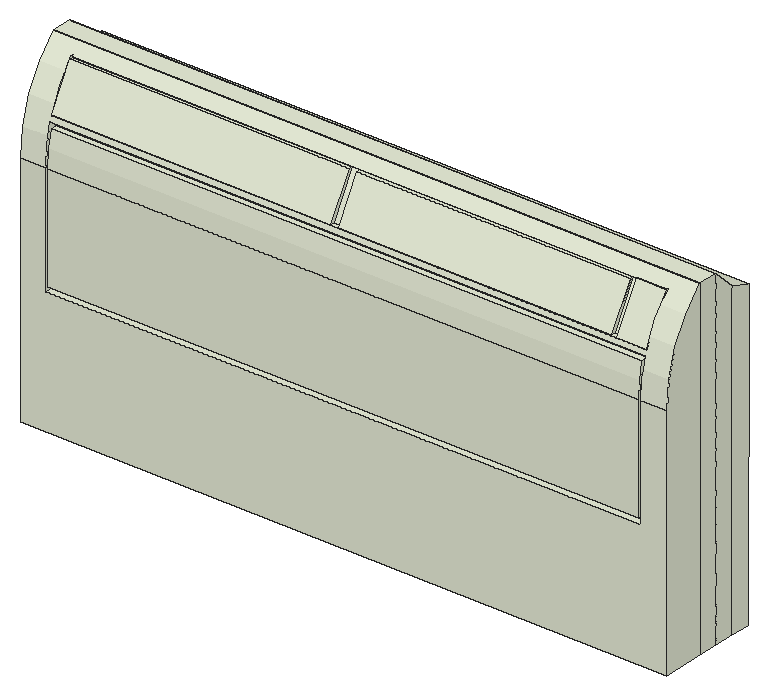
Revit family "Trane_TVR_Indoor_Ceiling & Floor_4TVX0027(30)EF000AA(2nd DC)", category Equipamento mecânico, Revit 2019
Family settings
  Cota do conector redondo = Utilizar diâmetro
  Tipo de parte = Normal
  Número OmniClass = 23.75.00.00
  Título OmniClass = Climate Control (HVAC)
  Com base no plano de trabalho = Não
  Sempre na vertical = Sim
  Corte com vazios quando carregada = Não
  Compartilhado = Não
  Ponto de cálculo do ambiente = Não
Parameters (values of type "4TVX0027EF000AA")
  Width = 1280.000 mm
  URL = "https://www.trane.com/commercial/latin-america/br/pt.html"
  Series = "TVR ULTRA"
  Power supply = "220-240V ~50/60Hz"
  Panel color = "S1004"
  Net Weight = 35.00 kg
  Modelo = "4TVX0027EF000AA"
  Fabricante = "Trane"
  Machine material = Galvanized Steel
  MFA (Maximum Fuse Amps) = 15 A
  MCA (Minimum Circuit Amps) = 1.1 A
  Liquid pipe = 9.530 mm
  Installation = "Indoor installation"
  Height = 203.000 mm
  Heating Power Input = 130 W
  Heating Capacity = 9 kW
  Gas pipe = 15.900 mm
  Gas = "R410a"
  Descrição = "High efficiency air cooled"
  Depth = 660.000 mm
  Cooling Power Input = 130 W
  Cooling Capacity = 8 kW
  Condensation = "air"
  Air  Flow = "1200/1100/1000/900/840/780/700 m3/h"
Types (3, lengths in mm): name | Modelo | Heating Capacity | Cooling Capacity
  (no name) | "4TVX0027EF000AA" | 9 kW | 8 kW
  4TVX0027EF000AA | "4TVX0027EF000AA" | 9 kW | 8 kW
  4TVX0030EF000AA | "4TVX0030EF000AA" | 10 kW | 9 kW
Reference planes
  plane 1 "中心(前/后)": y = 0
  plane 2: z = 0
  plane 3 "中心(左/右)": x = 0
  plane 4: z = 575.645
  plane 5: z = 280
  plane 6: x = -495
Forms (mm)
  Extrusion 1, solid, material "Galvanized Steel" <- "Machine material", detail levels medium+fine
    sketch origin (0, 0, 0) x (0, 1, 0) y (0, 0, 1)
      loop
        line (-80, 690) -> (-120, 690) -> (-120, 30) -> (-80, 30) -> (-80, 690)
    from 785 to -495
  Extrusion 2, solid, material "Galvanized Steel" <- "Machine material", detail levels medium+fine
    sketch origin (0, 0, 0) x (0, 1, 0) y (0, 0, 1)
      loop
        line (-80, 690) -> (-80, 30) -> (-40, 30) -> (-40, 650) -> (-80, 690)
    from 785 to -495
  Extrusion 3, solid, material "Galvanized Steel" <- "Machine material", detail levels medium+fine
    sketch origin (0, 0, 0) x (0, 1, 0) y (0, 0, 1)
      loop
        line (0, 626.906) -> (0, 635.441) -> (-40, 650) -> (-40, 30) -> (0, 30) -> (0, 626.906)
    from 785 to -495
  Extrusion 4, solid, material "Galvanized Steel" <- "Machine material", detail levels medium+fine
    sketch origin (0, 0, 0) x (0, 1, 0) y (0, 0, 1)
      loop
        line (-120, 30) -> (-120, 690)
        arc (-120, 690) -> (-181.345, 603.669) -> (-203, 500) r 258.97
        line (-203, 500) -> (-203, 30) -> (-120, 30)
    from 785 to -495
  Extrusion 5, void
    sketch origin (0, 0, 0) x (0, 1, 0) y (0, 0, 1)
      loop
        line (-188.653, 585) -> (-178.041, 585)
        arc (-178.041, 585) -> (-156.282, 630.135) -> (-125.926, 670) r 248.97
        line (-125.926, 670) -> (-139.39, 670)
        arc (-139.39, 670) -> (-168.089, 629.857) -> (-188.653, 585) r 258.97
    from 735 to -445
  Extrusion 6, solid, material "Galvanized Steel" <- "Machine material", detail levels fine
    sketch origin (0, 0, 0) x (0, 1, 0) y (0, 0, 1)
      loop
        line (-148.104, 670) -> (-193.89, 591) -> (-188.048, 591) -> (-142.262, 670) -> (-148.104, 670)
    from 670 to 128.441
  Extrusion 7, solid, material "Galvanized Steel" <- "Machine material", detail levels fine
    sketch origin (0, 0, 0) x (0, 1, 0) y (0, 0, 1)
      loop
        line (-139.39, 670) -> (-188.653, 585) -> (-183.347, 585) -> (-134.084, 670) -> (-139.39, 670)
    from 735 to 675
  Extrusion 8, void
    sketch origin (0, 0, 0) x (1, 0, 0) y (0, 1, 0)
      loop
        line (-460.5, -30) -> (-460.5, -130) -> (-360.5, -130) -> (-360.5, -30) -> (-460.5, -30)
    from 45 to 30
  Extrusion 9, void
    sketch origin (0, 0, 0) x (0, 1, 0) y (0, 0, 1)
      loop
        line (-15, 45) -> (-15, 415.429) -> (-188, 415.429) -> (-188, 45) -> (-15, 45)
    from 770 to -480
  Extrusion 10, solid, detail levels medium+fine
    sketch origin (0, 0, 0) x (1, 0, 0) y (0, 1, 0)
      loop
        circle (-455, -63.5) r 4.765
    from 415.429 to 128
  Extrusion 11, solid, detail levels medium+fine
    sketch origin (0, 0, 0) x (1, 0, 0) y (0, 1, 0)
      loop
        circle (-440.5, -96.5) r 7.95
    from 415.429 to 163.5
  Extrusion 12, void
    sketch origin (0, 0, 55) x (1, 0, 0) y (0, 0, 1)
      loop
        line (-360.5, 115) -> (-460.5, 115) -> (-460.5, 15) -> (-360.5, 15) -> (-360.5, 115)
    from 15 to 0
  Extrusion 13, solid, detail levels medium+fine
    sketch origin (0, 0, 0) x (1, 0, 0) y (0, 1, 0)
      loop
        circle (-393.436, -63.5) r 12.5
    from 415.429 to 163.5
  Extrusion 14, void
    sketch origin (0, 0, 0) x (0, 1, 0) y (0, 0, 1)
      loop
        arc (-191.706, 575.645) -> (-200.161, 538.242) -> (-203, 500) r 258.97
        line (-203, 500) -> (-203, 280) -> (-188, 280) -> (-188, 415.429) -> (-179.603, 575.645) -> (-191.706, 575.645)
    from 735 to -445
  Extrusion 15, solid, material "Galvanized Steel" <- "Machine material", detail levels medium+fine
    sketch origin (0, 0, 0) x (0, 1, 0) y (0, 0, 1)
      loop
        line (-188, 415.429) -> (-180.127, 565.659) -> (-194.538, 565.659)
        arc (-194.538, 565.659) -> (-200.876, 533.101) -> (-203, 500) r 258.97
        line (-203, 500) -> (-203, 290) -> (-188, 290) -> (-188, 415.429)
    from 730 to -440
  Extrusion 16, solid, material "Galvanized Steel" <- "Machine material", detail levels fine
    sketch origin (230, 0, 0) x (0, 1, 0) y (0, 0, -1)
      loop
        line (-148.104, -670) -> (-142.262, -670) -> (-188.048, -591) -> (-193.89, -591) -> (-148.104, -670)
    from 670 to 116.417
Cuts and joins
  Extrusion 5, Extrusion 8, Extrusion 9, Extrusion 12, Extrusion 14 cuts Extrusion 4
  Extrusion 8, Extrusion 9 cuts Extrusion 1
  Extrusion 8, Extrusion 9 cuts Extrusion 2
  Extrusion 8, Extrusion 9, Extrusion 12 cuts Extrusion 3
  Extrusion 12 cuts Extrusion 10
Lines and regions (mm)
  model lines, detail levels fine
    curve 1: circle (720, -144.575, 661.053) r 4 normal (0, -0.8652, 0.5014)
    curve 2: circle (720, -150.363, 651.067) r 4 normal (0, -0.8652, 0.5014)
    curve 3: circle (720, -156.491, 640.493) r 4 normal (0, -0.8652, 0.5014)
    curve 4: circle (720, -162.96, 629.332) r 4 normal (0, -0.8652, 0.5014)
    curve 5: circle (720, -168.604, 619.594) r 4 normal (0, -0.8652, 0.5014)
    curve 6: line (691.594, -175.609, 607.507) -> (691.594, -181.912, 596.63)
    curve 7: line (716.594, -175.609, 607.507) -> (691.594, -175.609, 607.507)
    curve 8: line (691.594, -181.912, 596.63) -> (716.594, -181.912, 596.63)
    curve 9: arc (716.594, -175.609, 607.507) -> (722.879, -178.761, 602.069) -> (716.594, -181.912, 596.63) r 6.286
    curve 10: line (-495, -163, 70) -> (-495, -163, 270)
    curve 32: line (-495, -163, 270) -> (-495, -203, 270)
    curve 33: line (-495, -163, 260) -> (-495, -203, 260)
    curve 34: line (-495, -163, 250) -> (-495, -203, 250)
    curve 35: line (-495, -163, 240) -> (-495, -203, 240)
    curve 36: line (-495, -163, 230.215) -> (-495, -203, 230.215)
    curve 37: line (-495, -163, 220) -> (-495, -203, 220)
    curve 38: line (-495, -163, 210) -> (-495, -203, 210)
    curve 39: line (-495, -163, 200) -> (-495, -203, 200)
    curve 40: line (-495, -163, 190) -> (-495, -203, 190)
    curve 41: line (-495, -163, 180) -> (-495, -203, 180)
    curve 42: line (-495, -163, 170) -> (-495, -203, 170)
    curve 43: line (-495, -163, 160) -> (-495, -203, 160)
    curve 44: line (-495, -163, 150) -> (-495, -203, 150)
    curve 45: line (-495, -163, 140) -> (-495, -203, 140)
    curve 46: line (-495, -163, 130) -> (-495, -203, 130)
    curve 47: line (-495, -163, 120) -> (-495, -203, 120)
    curve 48: line (-495, -163, 110) -> (-495, -203, 110)
    curve 49: line (-495, -163, 100) -> (-495, -203, 100)
    curve 50: line (-495, -163, 90) -> (-495, -203, 90)
    curve 51: line (-495, -163, 80) -> (-495, -203, 80)
    curve 52: line (-495, -163, 70) -> (-495, -203, 70)
    curve 53: line (-495, -163, 220) -> (-495, -203, 220)
    curve 54: line (-495, -163, 210) -> (-495, -203, 210)
    curve 55: line (-495, -163, 200) -> (-495, -203, 200)
    curve 56: line (785, -163, 70) -> (785, -163, 270)
    curve 57: line (785, -163, 270) -> (785, -203, 270)
    curve 58: line (785, -163, 260) -> (785, -203, 260)
    curve 59: line (785, -163, 250) -> (785, -203, 250)
    curve 60: line (785, -163, 240) -> (785, -203, 240)
    curve 61: line (785, -163, 230.215) -> (785, -203, 230.215)
    curve 62: line (785, -163, 190) -> (785, -203, 190)
    curve 63: line (785, -163, 180) -> (785, -203, 180)
    curve 64: line (785, -163, 170) -> (785, -203, 170)
    curve 65: line (785, -163, 160) -> (785, -203, 160)
    curve 66: line (785, -163, 150) -> (785, -203, 150)
    curve 67: line (785, -163, 140) -> (785, -203, 140)
    curve 68: line (785, -163, 130) -> (785, -203, 130)
    curve 69: line (785, -163, 120) -> (785, -203, 120)
    curve 70: line (785, -163, 110) -> (785, -203, 110)
    curve 71: line (785, -163, 100) -> (785, -203, 100)
    curve 72: line (785, -163, 90) -> (785, -203, 90)
    curve 73: line (785, -163, 80) -> (785, -203, 80)
    curve 74: line (785, -163, 70) -> (785, -203, 70)
    curve 75: line (785, -163, 220) -> (785, -203, 220)
    curve 76: line (785, -163, 210) -> (785, -203, 210)
    curve 77: line (785, -163, 200) -> (785, -203, 200)
    curve 78: line (-495, -203, 270) -> (785, -203, 270)
    curve 79: line (785, -203, 70) -> (-495, -203, 70)
    curve 80: line (-495, -203, 260) -> (785, -203, 260)
    curve 81: line (-495, -203, 250) -> (785, -203, 250)
    curve 82: line (-495, -203, 240) -> (785, -203, 240)
    curve 83: line (-495, -203, 230) -> (785, -203, 230)
    curve 84: line (-495, -203, 220) -> (785, -203, 220)
    curve 85: line (-495, -203, 210) -> (785, -203, 210)
    curve 86: line (-495, -203, 201.34) -> (785, -203, 201.34)
    curve 87: line (-495, -203, 191.34) -> (785, -203, 191.34)
    curve 88: line (-495, -203, 181.34) -> (785, -203, 181.34)
    curve 89: line (-495, -203, 171.34) -> (785, -203, 171.34)
    curve 90: line (-495, -203, 161.34) -> (785, -203, 161.34)
    curve 91: line (-495, -203, 151.34) -> (785, -203, 151.34)
    curve 92: line (-495, -203, 141.34) -> (785, -203, 141.34)
    curve 93: line (-495, -203, 131.34) -> (785, -203, 131.34)
    curve 94: line (-495, -203, 121.34) -> (785, -203, 121.34)
    curve 95: line (-495, -203, 111.34) -> (785, -203, 111.34)
    curve 96: line (-495, -203, 101.34) -> (785, -203, 101.34)
    curve 97: line (-495, -203, 91.34) -> (785, -203, 91.34)
    curve 98: line (-495, -203, 81.34) -> (785, -203, 81.34)
  model lines
    curve 11: line (785, 0, 635.441) -> (785, -40, 650)
    curve 12: line (785, -40, 650) -> (785, -80, 690)
    curve 13: line (785, -80, 690) -> (785, -120, 690)
    curve 14: line (785, 0, 635.441) -> (785, 0, 30)
    curve 15: line (785, 0, 30) -> (785, -203, 30)
    curve 16: line (785, -203, 30) -> (785, -203, 500)
    curve 17: arc (785, -203, 500) -> (785, -181.345, 603.669) -> (785, -120, 690) r 258.97
    curve 18: line (-495, 0, 635.441) -> (-495, -40, 650)
    curve 19: line (-495, -40, 650) -> (-495, -80, 690)
    curve 20: line (-495, -80, 690) -> (-495, -120, 690)
    curve 21: line (-495, 0, 635.441) -> (-495, 0, 30)
    curve 22: line (-495, -203, 30) -> (-495, -203, 500)
    curve 23: arc (-495, -203, 500) -> (-495, -181.345, 603.669) -> (-495, -120, 690) r 258.97
    curve 24: line (-495, -120, 690) -> (785, -120, 690)
    curve 25: line (-495, -80, 690) -> (785, -80, 690)
    curve 26: line (-495, -40, 650) -> (785, -40, 650)
    curve 27: line (-495, -203, 30) -> (-495, 0, 30)
    curve 28: line (-495, -203, 30) -> (785, -203, 30)
    curve 29: line (785, 0, 30) -> (-495, 0, 30)
    curve 30: line (-495, -203, 30) -> (-495, 0, 30)
    curve 31: line (785, -203, 30) -> (785, 0, 30)
  reference lines
    curve 99: line (675, -203, 627.5) -> (-445, -203, 627.5)
Dimensions and locks
  cut or joined group of Extrusion 2, Extrusion 8, Extrusion 9 to Extrusion 13 = 133.500 mm
  cut or joined group of Extrusion 1, Extrusion 8, Extrusion 9 to cut or joined group of Extrusion 10, Extrusion 12 = 98.000 mm
  cut or joined group of Extrusion 4, Extrusion 5, Extrusion 8, Extrusion 9, Extrusion 12, Extrusion 14 to cut or joined group of Extrusion 1, Extrusion 8, Extrusion 9 = 660.000 mm
  "Height": cut or joined group of Extrusion 4, Extrusion 5, Extrusion 8, Extrusion 9, Extrusion 12, Extrusion 14 to cut or joined group of Extrusion 3, Extrusion 8, Extrusion 9, Extrusion 12
  "Width": cut or joined group of Extrusion 4, Extrusion 5, Extrusion 8, Extrusion 9, Extrusion 12, Extrusion 14 to cut or joined group of Extrusion 4, Extrusion 5, Extrusion 8, Extrusion 9, Extrusion 12, Extrusion 14
  aligned and locked: level to plane 2
Automatic sketch dimensions
  plane 1 "中心(前/后)" to Extrusion 1 sketch curve = 120.000 mm
  level to Extrusion 1 sketch curve = 30.000 mm
  Extrusion 1 sketch curve to Extrusion 1 sketch curve = 40.000 mm
  Extrusion 1 sketch curve to Extrusion 1 sketch curve = 660.000 mm
  plane 1 "中心(前/后)" to Extrusion 2 sketch curve = 80.000 mm
  level to Extrusion 2 sketch curve = 30.000 mm
  Extrusion 2 sketch curve to Extrusion 2 sketch curve = 40.000 mm  (x2)
  Extrusion 2 sketch curve to Extrusion 2 sketch curve = 620.000 mm
  Extrusion 3 sketch curve to plane 1 "中心(前/后)" = 0.000 mm
  level to Extrusion 3 sketch curve = 30.000 mm
  plane 1 "中心(前/后)" to Extrusion 3 sketch curve = 40.000 mm
  Extrusion 3 sketch curve to Extrusion 3 sketch curve = 596.906 mm
  Extrusion 3 sketch curve to Extrusion 3 sketch curve = 8.535 mm
  Extrusion 3 sketch curve to Extrusion 3 sketch curve = 14.559 mm
  plane 1 "中心(前/后)" to Extrusion 4 sketch curve = 203.000 mm
  level to Extrusion 4 sketch curve = 30.000 mm
  Extrusion 4 sketch curve to Extrusion 4 sketch curve = 83.000 mm
  Extrusion 4 sketch curve to plane 1 "中心(前/后)" = 55.970 mm
  Extrusion 4 sketch curve to Extrusion 4 sketch curve = 470.000 mm
  Extrusion 5 sketch curve to Extrusion 5 sketch curve = 0.000 mm  (x2)
  plane 1 "中心(前/后)" to Extrusion 5 sketch curve = 188.653 mm
  level to Extrusion 5 sketch curve = 585.000 mm
  Extrusion 5 sketch curve to Extrusion 5 sketch curve = 10.612 mm
  Extrusion 5 sketch curve to Extrusion 5 sketch curve = 38.651 mm
  Extrusion 5 sketch curve to Extrusion 5 sketch curve = 13.464 mm
  Extrusion 5 sketch curve to Extrusion 5 sketch curve = 85.000 mm
  plane 1 "中心(前/后)" to Extrusion 6 sketch curve = 193.890 mm
  level to Extrusion 6 sketch curve = 591.000 mm
  Extrusion 6 sketch curve to Extrusion 6 sketch curve = 5.843 mm  (x2)
  Extrusion 6 sketch curve to Extrusion 6 sketch curve = 39.943 mm
  Extrusion 6 sketch curve to Extrusion 6 sketch curve = 79.000 mm
  plane 1 "中心(前/后)" to Extrusion 7 sketch curve = 188.653 mm
  level to Extrusion 7 sketch curve = 585.000 mm
  Extrusion 7 sketch curve to Extrusion 7 sketch curve = 5.306 mm  (x2)
  Extrusion 7 sketch curve to Extrusion 7 sketch curve = 43.957 mm
  Extrusion 7 sketch curve to Extrusion 7 sketch curve = 85.000 mm
  Extrusion 7 to curve 6 = 26.014 mm
  Extrusion 7 to curve 8 = 16.594 mm
  curve 6 to curve 6 = 12.571 mm
  Extrusion 7 to curve 1 = 10.341 mm
  curve 1 to curve 2 = 11.542 mm
  curve 2 to curve 3 = 12.221 mm
  curve 3 to curve 4 = 12.900 mm
  curve 4 to curve 5 = 11.255 mm
  Extrusion 7 to curve 7 = 18.406 mm
  Extrusion 7 to curve 4 = 15.000 mm
  curve 3 to curve 4 = 0.000 mm
  curve 2 to curve 3 = 0.000 mm
  curve 1 to curve 2 = 0.000 mm
  curve 5 to curve 4 = 0.000 mm
  Extrusion 4 to curve 10 = 40.000 mm  (x2)
  curve 10 to curve 10 = 200.000 mm
  plane 6 to Extrusion 8 sketch curve = 34.500 mm
  plane 1 "中心(前/后)" to Extrusion 8 sketch curve = 130.000 mm
  Extrusion 8 sketch curve to Extrusion 8 sketch curve = 100.000 mm
  plane 1 "中心(前/后)" to Extrusion 8 sketch curve = 30.000 mm
  level to Extrusion 9 sketch curve = 45.000 mm
  plane 1 "中心(前/后)" to Extrusion 9 sketch curve = 188.000 mm
  plane 1 "中心(前/后)" to Extrusion 9 sketch curve = 15.000 mm
  level to Extrusion 9 sketch curve = 415.429 mm
  plane 6 to Extrusion 10 sketch curve = 40.000 mm
  plane 1 "中心(前/后)" to Extrusion 10 sketch curve = 63.500 mm
  plane 6 to Extrusion 11 sketch curve = 54.500 mm
  plane 1 "中心(前/后)" to Extrusion 11 sketch curve = 96.500 mm
  plane 6 to Extrusion 12 sketch curve = 34.500 mm
  level to Extrusion 12 sketch curve = 70.000 mm
  Extrusion 12 sketch curve to Extrusion 12 sketch curve = 100.000 mm  (x2)
  plane 6 to Extrusion 13 sketch curve = 101.564 mm
  plane 1 "中心(前/后)" to Extrusion 13 sketch curve = 63.500 mm
  Extrusion 14 sketch curve to plane 5 = 0.000 mm
  Extrusion 14 sketch curve to plane 4 = 0.000 mm
  plane 1 "中心(前/后)" to Extrusion 14 sketch curve = 203.000 mm
  plane 5 to Extrusion 14 sketch curve = 135.429 mm
  Extrusion 14 sketch curve to Extrusion 14 sketch curve = 11.294 mm
  Extrusion 14 sketch curve to Extrusion 14 sketch curve = 15.000 mm
  Extrusion 14 sketch curve to Extrusion 14 sketch curve = 12.102 mm
  Extrusion 14 sketch curve to plane 1 "中心(前/后)" = 55.970 mm
  plane 1 "中心(前/后)" to Extrusion 15 sketch curve = 203.000 mm
  level to Extrusion 15 sketch curve = 290.000 mm
  Extrusion 15 sketch curve to Extrusion 15 sketch curve = 8.462 mm
  Extrusion 15 sketch curve to Extrusion 15 sketch curve = 15.000 mm
  Extrusion 15 sketch curve to Extrusion 15 sketch curve = 14.411 mm
  Extrusion 15 sketch curve to plane 1 "中心(前/后)" = 55.970 mm
  Extrusion 15 sketch curve to Extrusion 15 sketch curve = 125.429 mm
  Extrusion 15 sketch curve to Extrusion 15 sketch curve = 84.571 mm
  curve 15 to plane 1 "中心(前/后)" = 0.000 mm
  level to curve 15 = 30.000 mm
  plane 1 "中心(前/后)" to curve 12 = 40.000 mm
  curve 13 to curve 11 = 40.000 mm
  curve 13 to curve 12 = 40.000 mm
  plane 1 "中心(前/后)" to curve 57 = 163.000 mm
  plane 1 "中心(前/后)" to curve 16 = 203.000 mm
  curve 17 to plane 1 "中心(前/后)" = 55.970 mm
  curve 15 to curve 56 = 40.000 mm
  curve 56 to curve 56 = 200.000 mm
  curve 57 to curve 16 = 230.000 mm
  curve 11 to curve 12 = 54.559 mm
  curve 11 to curve 12 = 14.559 mm
  curve 56 to curve 73 = 10.000 mm
  curve 73 to curve 72 = 10.000 mm
  curve 72 to curve 71 = 10.000 mm
  curve 71 to curve 70 = 10.000 mm
  curve 70 to curve 69 = 10.000 mm
  curve 69 to curve 68 = 10.000 mm
  curve 68 to curve 67 = 10.000 mm
  curve 67 to curve 66 = 10.000 mm
  curve 66 to curve 65 = 10.000 mm
  curve 65 to curve 64 = 10.000 mm
  curve 64 to curve 63 = 10.000 mm
  curve 63 to curve 62 = 10.000 mm
  curve 62 to curve 77 = 10.000 mm
  curve 77 to curve 76 = 10.000 mm
  curve 76 to curve 75 = 10.000 mm
  curve 75 to curve 61 = 10.215 mm
  curve 61 to curve 60 = 9.785 mm
  curve 60 to curve 59 = 10.000 mm
  curve 58 to curve 57 = 10.000 mm
  curve 18 to plane 1 "中心(前/后)" = 0.000 mm
  plane 1 "中心(前/后)" to curve 22 = 203.000 mm
  level to curve 22 = 500.000 mm
  plane 1 "中心(前/后)" to curve 18 = 40.000 mm
  curve 23 to curve 18 = 135.441 mm
  curve 18 to curve 19 = 14.559 mm
  curve 18 to curve 20 = 40.000 mm  (x2)
  level to curve 22 = 30.000 mm
  level to curve 21 = 30.000 mm
  curve 19 to curve 20 = 40.000 mm
  curve 24 to plane 6 = 0.000 mm
  level to curve 24 = 690.000 mm
  plane 3 "中心(左/右)" to curve 24 = 785.000 mm
  curve 25 to plane 6 = 0.000 mm
  level to curve 25 = 690.000 mm
  plane 3 "中心(左/右)" to curve 25 = 785.000 mm
  curve 26 to plane 6 = 0.000 mm
  level to curve 26 = 650.000 mm
  plane 3 "中心(左/右)" to curve 26 = 785.000 mm
  curve 27 to plane 1 "中心(前/后)" = 0.000 mm
  level to curve 27 = 30.000 mm
  curve 27 to curve 27 = 203.000 mm
  plane 1 "中心(前/后)" to curve 29 = 0.000 mm
  curve 30 to plane 6 = 0.000 mm
  plane 1 "中心(前/后)" to curve 30 = 203.000 mm
  plane 3 "中心(左/右)" to curve 31 = 785.000 mm
  level to curve 52 = 70.000 mm
  curve 52 to curve 51 = 10.000 mm
  curve 51 to curve 50 = 10.000 mm
  curve 50 to curve 49 = 10.000 mm
  curve 49 to curve 48 = 10.000 mm
  curve 48 to curve 47 = 10.000 mm
  curve 47 to curve 46 = 10.000 mm
  curve 46 to curve 45 = 10.000 mm
  curve 45 to curve 44 = 10.000 mm
  curve 44 to curve 43 = 10.000 mm
  curve 43 to curve 42 = 10.000 mm
  curve 42 to curve 41 = 10.000 mm
  curve 41 to curve 40 = 10.000 mm
  curve 40 to curve 55 = 10.000 mm
  curve 39 to curve 55 = 0.000 mm  (x2)
  curve 39 to curve 38 = 10.000 mm
  curve 54 to curve 38 = 0.000 mm  (x2)
  curve 38 to curve 53 = 10.000 mm
  curve 37 to curve 53 = 0.000 mm  (x2)
  curve 37 to curve 36 = 10.215 mm
  curve 36 to curve 35 = 9.785 mm
  curve 35 to curve 34 = 10.000 mm
  curve 34 to curve 33 = 10.000 mm
  curve 33 to curve 32 = 10.000 mm
  plane 1 "中心(前/后)" to curve 32 = 163.000 mm
  curve 55 to curve 32 = 0.000 mm
  curve 33 to curve 32 = 0.000 mm
  curve 54 to curve 55 = 0.000 mm
  curve 34 to curve 33 = 0.000 mm
  curve 53 to curve 54 = 0.000 mm
  curve 35 to curve 34 = 0.000 mm
  curve 52 to curve 55 = 0.000 mm
  curve 36 to curve 35 = 0.000 mm
  curve 51 to curve 52 = 0.000 mm
  curve 50 to curve 51 = 0.000 mm
  curve 38 to curve 54 = 0.000 mm
  curve 49 to curve 50 = 0.000 mm
  curve 48 to curve 49 = 0.000 mm
  curve 40 to curve 39 = 0.000 mm
  curve 47 to curve 48 = 0.000 mm
  curve 41 to curve 40 = 0.000 mm
  curve 46 to curve 47 = 0.000 mm
  curve 42 to curve 41 = 0.000 mm
  curve 45 to curve 46 = 0.000 mm
  curve 43 to curve 42 = 0.000 mm
  curve 44 to curve 45 = 0.000 mm
  curve 43 to curve 43 = 40.000 mm
  curve 44 to curve 43 = 0.000 mm
  curve 42 to curve 43 = 0.000 mm
  curve 45 to curve 44 = 0.000 mm
  curve 41 to curve 42 = 0.000 mm
  curve 46 to curve 45 = 0.000 mm
  curve 40 to curve 41 = 0.000 mm
  curve 47 to curve 46 = 0.000 mm
  curve 39 to curve 40 = 0.000 mm
  curve 48 to curve 47 = 0.000 mm
  curve 38 to curve 39 = 0.000 mm
  curve 49 to curve 48 = 0.000 mm
  curve 37 to curve 38 = 0.000 mm
  curve 50 to curve 49 = 0.000 mm
  curve 36 to curve 37 = 0.000 mm
  curve 51 to curve 50 = 0.000 mm
  curve 35 to curve 36 = 0.000 mm
  curve 52 to curve 51 = 0.000 mm
  curve 34 to curve 35 = 0.000 mm
  curve 53 to curve 37 = 0.000 mm
  curve 33 to curve 34 = 0.000 mm
  curve 32 to curve 33 = 0.000 mm
  curve 55 to curve 39 = 0.000 mm
  plane 6 to curve 79 = 0.000 mm
  plane 6 to curve 98 = 0.000 mm
  plane 6 to curve 97 = 0.000 mm
  plane 6 to curve 96 = 0.000 mm
  plane 6 to curve 95 = 0.000 mm
  plane 6 to curve 94 = 0.000 mm
  plane 6 to curve 93 = 0.000 mm
  plane 6 to curve 92 = 0.000 mm
  plane 6 to curve 91 = 0.000 mm
  plane 6 to curve 90 = 0.000 mm
  plane 6 to curve 89 = 0.000 mm
  plane 6 to curve 88 = 0.000 mm
  plane 6 to curve 87 = 0.000 mm
  plane 6 to curve 86 = 0.000 mm
  plane 6 to curve 85 = 0.000 mm
  plane 6 to curve 84 = 0.000 mm
  plane 6 to curve 83 = 0.000 mm
  plane 6 to curve 82 = 0.000 mm
  plane 6 to curve 81 = 0.000 mm
  plane 6 to curve 80 = 0.000 mm
  plane 6 to curve 78 = 0.000 mm
  level to curve 79 = 70.000 mm
  curve 79 to curve 98 = 11.340 mm
  curve 98 to curve 97 = 10.000 mm
  curve 97 to curve 96 = 10.000 mm
  curve 96 to curve 95 = 10.000 mm
  curve 95 to curve 94 = 10.000 mm
  curve 94 to curve 93 = 10.000 mm
  curve 93 to curve 92 = 10.000 mm
  curve 92 to curve 91 = 10.000 mm
  curve 91 to curve 90 = 10.000 mm
  curve 90 to curve 89 = 10.000 mm
  curve 89 to curve 88 = 10.000 mm
  curve 88 to curve 87 = 10.000 mm
  curve 87 to curve 86 = 10.000 mm
  curve 86 to curve 85 = 8.660 mm
  curve 85 to curve 84 = 10.000 mm
  curve 84 to curve 83 = 10.000 mm
  curve 83 to curve 82 = 10.000 mm
  curve 82 to curve 81 = 10.000 mm
  curve 81 to curve 80 = 10.000 mm
  curve 80 to curve 78 = 10.000 mm
  plane 3 "中心(左/右)" to curve 88 = 785.000 mm
  curve 88 to curve 86 = 0.000 mm
  curve 89 to curve 88 = 0.000 mm
  curve 86 to curve 85 = 0.000 mm
  curve 90 to curve 89 = 0.000 mm
  curve 85 to curve 84 = 0.000 mm
  curve 91 to curve 90 = 0.000 mm
  curve 84 to curve 83 = 0.000 mm
  curve 92 to curve 91 = 0.000 mm
  curve 83 to curve 82 = 0.000 mm
  curve 93 to curve 92 = 0.000 mm
  curve 82 to curve 81 = 0.000 mm
  curve 94 to curve 93 = 0.000 mm
  curve 81 to curve 80 = 0.000 mm
  curve 95 to curve 94 = 0.000 mm
  curve 79 to curve 95 = 0.000 mm
  curve 96 to curve 95 = 0.000 mm
  curve 80 to curve 78 = 0.000 mm
  curve 97 to curve 96 = 0.000 mm
  curve 87 to curve 86 = 0.000 mm
  curve 98 to curve 97 = 0.000 mm
  curve 99 to curve 99 = 1120.000 mm
  plane 1 "中心(前/后)" to Extrusion 16 sketch curve = 193.890 mm
  plane 1 "中心(前/后)" to Extrusion 16 sketch curve = 148.104 mm
  level to Extrusion 16 sketch curve = 670.000 mm
  Extrusion 16 sketch curve to Extrusion 16 sketch curve = 5.843 mm  (x2)
  Extrusion 16 sketch curve to Extrusion 16 sketch curve = 79.000 mm
  radius of curve 1 = 4.000 mm
  radius of curve 2 = 4.000 mm
  radius of curve 3 = 4.000 mm
  radius of curve 4 = 4.000 mm
  radius of curve 5 = 4.000 mm
  radius of Extrusion 10 sketch curve = 4.765 mm
  radius of Extrusion 11 sketch curve = 7.950 mm
  radius of Extrusion 13 sketch curve = 12.500 mm
Connectors
  piping at (-393.436, -63.5, 163.5), diameter 25
    settings: on Extrusion 13, index 5, connector inside diameter 25 mm, connector length 0.000 mm, flow factor 0, pipe flow 0.0 m³/h, pressure drop 0.0 Pa, fitting loss kfactor 0, connector angle 0.00°, fixture units 0, engagement length 0.000 mm, angle of deflection 0.00°, flow configuration 1, flow direction 2, fitting loss method 0, system type 29, joint type 0, gender type 0, connector reference index -1, connector utility 0, adjustable connector no, is connector primary yes, connector description "Drain pipe OD Φ 25mm"
  piping at (-440.5, -96.5, 163.5), diameter 15.9
    settings: on Extrusion 11, index 6, connector inside diameter 15.9 mm, connector length 0.000 mm, flow factor 0, pipe flow 0.0 m³/h, pressure drop 0.0 Pa, fitting loss kfactor 0, connector angle 0.00°, fixture units 0, engagement length 0.000 mm, angle of deflection 0.00°, flow configuration 1, flow direction 0, fitting loss method 4, system type 22, joint type 0, gender type 0, connector reference index -1, connector utility 0, adjustable connector no, is connector primary no, connector description "Gas pipe Φ15.9mm"
  piping at (-455, -63.5, 128), diameter 9.53
    settings: on cut or joined group of Extrusion 10, Extrusion 12, index 7, connector inside diameter 9.53 mm, connector length 0.000 mm, flow factor 0, pipe flow 0.0 m³/h, pressure drop 0.0 Pa, fitting loss kfactor 0, connector angle 0.00°, fixture units 0, engagement length 0.000 mm, angle of deflection 0.00°, flow configuration 1, flow direction 0, fitting loss method 4, system type 22, joint type 0, gender type 0, connector reference index -1, connector utility 0, adjustable connector no, is connector primary no, connector description "Liquid pipe Φ9.53mm"
  electrical at (785, -161.5, 312.5)
    settings: on cut or joined group of Extrusion 4, Extrusion 5, Extrusion 8, Extrusion 9, Extrusion 12, Extrusion 14, index 9, voltage 220 V, apparent load 0 VA, apparent load phase1 0 VA, apparent load phase2 0 VA, apparent load phase3 0 VA, power factor 1, load classification "Other", number of poles 1, system type 30, power factor state 1, is connector primary yes, connector utility no, sub classification motor no, connector description "The location of  electrical connectors is not the same as the actual location because the wiring terminal is inside the unit."
